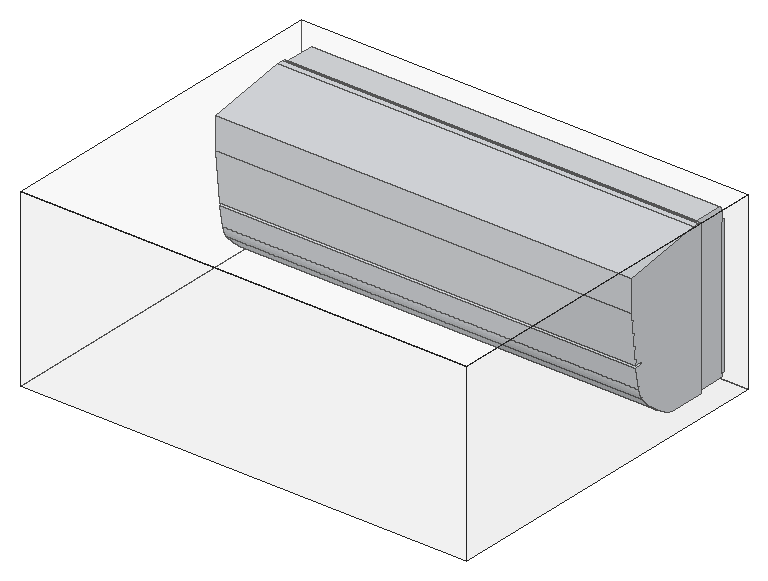
Revit family "msz-gv22_5624_60hz", category 機械設備, Revit 2019
Family settings
  丸型コネクタ寸法 = 直径を使用
  パーツ タイプ = 標準
  OmniClass 番号 = 23.75.10.24.21.27.27
  OmniClass タイトル = Split System Air Conditioning Units
  作業面ベース = いいえ
  常に垂直 = はい
  ロード時にボイドで切り取り = いいえ
  共有 = いいえ
  部屋計算ポイント = いいえ
Parameters (values of type "壁掛_MSZ-GV2224-T-IN")
  風量 = MAX風量  # 635.0 m³/h
  音響パワーレベル(dB) = if([運転音(強冷房)  db] > [運転音(強暖房)  db], [運転音(強冷房)  db], [運転音(強暖房)  db])  # 64
  電源種別 = ""
  電圧_電気ヒーター = 0 V
  電圧 = 100 V
  電動機出力_送風機 = 28.00 W
  運転音(強暖房)  db = 64
  運転音(強冷房)  db = 62
  運転音(弱暖房)  db = 43
  運転音(静冷房)  db = 41
  運転音(弱冷房)  db = 43
  運転音(中暖房)  db = 50
  運転音(中冷房)  db = 51
  運転質量 = 0.00 kg
  連動 = ""
  質量 = if(製品質量 > 運転質量, 製品質量, 運転質量) * 1.2  # 9.60 kg
  負荷分類 = 1 熱源類
  説明 = "ルームエアコン(霧ヶ峰) 　GVシリーズ　室内ユニット"
  設計暖房能力 [instance] = 0.00 kW
  設計冷房能力_顕熱 [instance] = 0 kW
  設計冷房能力 [instance] = 0 kW
  設置方法 = "壁掛 (露出)形"
  記号 [instance] = ""
  製造元 = "三菱電機株式会社"
  製品質量 = 8.00 kg
  製品出荷対象 = "国内"
  製品リリース年月 = "-"
  製品グループ = ""
  系統 [instance] = ""
  符号 = "ACR-WR"
  積算_科目 = "1 空気調和設備"
  積算_拾い区分 [instance] = ""
  相_電気ヒーター = 1
  相 = 1
  盤記号 [instance] = ""
  発停方法 = "付属スイッチ"
  特殊仕様 [instance] = ""
  火災停止 = ""
  消費電力_暖房 = 470.00 W
  消費電力_冷房 = 655.00 W
  消費電力 = 655.00 W
  法定耐用年数 = "6"
  構成品番 = ""
  極数 = 1
  材質 = ""
  本体マテリアル = none
  暖房能力 = 2.20 kW
  暖房 風量 = 635.0 m³/h
  推奨ブレーカー容量 = 15 A
  形式 = "壁掛（露出）形"
  幹線記号 = ""
  始動方式 = "直入"
  呼称 = "パッケージ形空気調和機_室内機"
  周波数 = 60 Hz
  台数_手元リモコン = ""
  参照している仕様書等のバージョン = "公共建築物標準仕様書（機械設備工事編）平成31年度版"
  加湿給水管径 = 0.00 mm
  分類コード = "50053004203000"
  分類グループ = ""
  冷房能力 = 2.2 kW
  冷房 風量 = 635.0 m³/h
  冷媒高低圧ガス管径 = 0.00 mm
  冷媒管径符号 = "Ab"
  冷媒管径 = 100.00 mm
  冷媒液管高さ = 126 mm
  冷媒液管長さ = 85 mm
  冷媒液管径 = 6.35 mm
  冷媒ガス管高さ = 126 mm
  冷媒ガス管長さ = 86 mm
  冷媒ガス管径 = 9.52 mm
  企業コード = "108420"
  付属品 [instance] = ""
  仕様書バージョン = "Version1.0"
  モデル = "MSZ-GV2224-T-IN"
  ドレン管高さ = 190 mm
  ドレン管径 = 16.00 mm
  サービススペース = yes
  コメント [instance] = ""
  【値が 0 の項目は組合せ形名にてご確認ください】 = ""
  Width = 799 mm
  Version = ""
  Uniclass2015Version = "Systems v1.9"
  Uniclass2015Title = "Split coil remote air cooled condensing units"
  Uniclass2015Code = "Pr_70_65_03_84"
  URL = "https://www.mitsubishielectric.co.jp/ldg/wink/"
  SpecificationReference = ""
  SpecificationDescription = ""
  Revision = ""
  ProductInformation = ""
  OmniClassCode = "23-33 17 13 11"
  MAX風量 = 635.0 m³/h
  IfcTypeProduct = ""
  IfcProduct = ""
  IfcExportType = "AIRCONDITIONINGUNIT"
  IfcExportAs = "IfcUnitaryEquipmentType"
  Height = 295 mm
  Depth = 225 mm
  Clearance Top = 33 mm
  Clearance Right = 40 mm
  Clearance Left = 20 mm
  Clearance Front = 445 mm
  Clearance Bottom = 7 mm
  Clearance Back = 0 mm
  COP = 0
  Author = "三菱電機株式会社"
  APF = 0
Types (13, lengths in mm): name | 風量 | 音響パワーレベル(dB) | 電圧 | 電動機出力_送風機 | 運転音(強暖房)  db | 運転音(強冷房)  db | 運転音(弱暖房)  db | 運転音(静冷房)  db | 運転音(弱冷房)  db | 運転音(中暖房)  db | 運転音(中冷房)  db | 質量 | 製品質量 | 消費電力_暖房 | 消費電力_冷房 | 消費電力 | 暖房能力 | 暖房 風量 | 冷房能力 | 冷房 風量 | モデル | MAX風量 | Clearance Front
  (no name) | 635.0 m³/h | 64 | 100 V | 28.00 W | 64 | 62 | 43 | 41 | 43 | 50 | 51 | 9.60 kg | 8.00 kg | 470.00 W | 655.00 W | 655.00 W | 2.20 kW | 635.0 m³/h | 2.2 kW | 635.0 m³/h | "MSZ-GV2224-T-IN" | 635.0 m³/h | 445
  壁掛_MSZ-GV2224-W-IN | 635.0 m³/h | 64 | 100 V | 28.00 W | 64 | 62 | 43 | 41 | 43 | 50 | 51 | 9.60 kg | 8.00 kg | 470.00 W | 655.00 W | 655.00 W | 2.20 kW | 635.0 m³/h | 2.2 kW | 635.0 m³/h | "MSZ-GV2224-W-IN" | 635.0 m³/h | 445
  壁掛_MSZ-GV2524-W-IN | 655.0 m³/h | 64 | 100 V | 28.00 W | 64 | 63 | 43 | 41 | 43 | 50 | 51 | 9.60 kg | 8.00 kg | 625.00 W | 745.00 W | 745.00 W | 2.80 kW | 655.0 m³/h | 2.5 kW | 635.0 m³/h | "MSZ-GV2524-W-IN" | 655.0 m³/h | 445
  壁掛_MSZ-GV2824-W-IN | 665.0 m³/h | 64 | 100 V | 28.00 W | 64 | 63 | 43 | 41 | 43 | 50 | 51 | 10.80 kg | 9.00 kg | 910.00 W | 800.00 W | 910.00 W | 3.60 kW | 650.0 m³/h | 2.8 kW | 665.0 m³/h | "MSZ-GV2824-W-IN" | 665.0 m³/h | 445
  壁掛_MSZ-GV3624-W-IN | 670.0 m³/h | 64 | 100 V | 28.00 W | 64 | 64 | 47 | 41 | 47 | 53 | 54 | 10.80 kg | 9.00 kg | 1215.00 W | 1415.00 W | 1415.00 W | 4.20 kW | 660.0 m³/h | 3.6 kW | 670.0 m³/h | "MSZ-GV3624-W-IN" | 670.0 m³/h | 445
  壁掛_MSZ-GV4024S-W-IN | 670.0 m³/h | 66 | 200 V | 40.00 W | 65 | 66 | 47 | 44 | 47 | 54 | 54 | 10.80 kg | 9.00 kg | 1480.00 W | 1660.00 W | 1660.00 W | 5.00 kW | 660.0 m³/h | 4 kW | 670.0 m³/h | "MSZ-GV4024S-W-IN" | 670.0 m³/h | 445
  壁掛_MSZ-GV5624S-W-IN | 785.0 m³/h | 67 | 200 V | 40.00 W | 67 | 66 | 47 | 45 | 47 | 54 | 54 | 10.80 kg | 9.00 kg | 1980.00 W | 2380.00 W | 2380.00 W | 6.70 kW | 725.0 m³/h | 5.6 kW | 785.0 m³/h | "MSZ-GV5624S-W-IN" | 785.0 m³/h | 215
  壁掛_MSZ-GV2224-T-IN | 635.0 m³/h | 64 | 100 V | 28.00 W | 64 | 62 | 43 | 41 | 43 | 50 | 51 | 9.60 kg | 8.00 kg | 470.00 W | 655.00 W | 655.00 W | 2.20 kW | 635.0 m³/h | 2.2 kW | 635.0 m³/h | "MSZ-GV2224-T-IN" | 635.0 m³/h | 445
  壁掛_MSZ-GV2524-T-IN | 655.0 m³/h | 64 | 100 V | 28.00 W | 64 | 63 | 43 | 41 | 43 | 50 | 51 | 9.60 kg | 8.00 kg | 625.00 W | 745.00 W | 745.00 W | 2.80 kW | 655.0 m³/h | 2.5 kW | 635.0 m³/h | "MSZ-GV2524-T-IN" | 655.0 m³/h | 445
  壁掛_MSZ-GV2824-T-IN | 665.0 m³/h | 64 | 100 V | 28.00 W | 64 | 63 | 43 | 41 | 43 | 50 | 51 | 10.80 kg | 9.00 kg | 910.00 W | 800.00 W | 910.00 W | 3.60 kW | 650.0 m³/h | 2.8 kW | 665.0 m³/h | "MSZ-GV2824-T-IN" | 665.0 m³/h | 445
  壁掛_MSZ-GV3624-T-IN | 670.0 m³/h | 64 | 100 V | 28.00 W | 64 | 64 | 47 | 41 | 47 | 53 | 54 | 10.80 kg | 9.00 kg | 1215.00 W | 1415.00 W | 1415.00 W | 4.20 kW | 660.0 m³/h | 3.6 kW | 670.0 m³/h | "MSZ-GV3624-T-IN" | 670.0 m³/h | 445
  壁掛_MSZ-GV4024S-T-IN | 670.0 m³/h | 66 | 200 V | 40.00 W | 65 | 66 | 47 | 44 | 47 | 54 | 54 | 10.80 kg | 9.00 kg | 1480.00 W | 1660.00 W | 1660.00 W | 5.00 kW | 660.0 m³/h | 4 kW | 670.0 m³/h | "MSZ-GV4024S-T-IN" | 670.0 m³/h | 445
  壁掛_MSZ-GV5624S-T-IN | 785.0 m³/h | 67 | 200 V | 40.00 W | 67 | 66 | 47 | 45 | 47 | 54 | 54 | 10.80 kg | 9.00 kg | 1980.00 W | 2380.00 W | 2380.00 W | 6.70 kW | 725.0 m³/h | 5.6 kW | 785.0 m³/h | "MSZ-GV5624S-T-IN" | 785.0 m³/h | 215
Reference planes
  plane 1 "中心(正面/背面)": y = 222.5
  plane 2: z = 0
  plane 3 "中心(左/右)": x = 0
  plane 4: z = 295
  plane 5: y = 340
  plane 6: y = 110
  plane 7: x = -399.5
  plane 8: x = 399.5
  plane 9: x = -419.5
  plane 10: x = 439.5
  plane 11: y = 340
  plane 12: y = -335
  plane 13: z = 328
  plane 14: z = -7
  plane 15: y = 335
  plane 16: x = 400.5
  plane 17: x = 300
Lines and regions (mm)
  Masking region 1, detail levels coarse+medium
    outline origin (0, 0, 0) x (1, 0, 0) y (0, 1, 0)
      loop
        line (-399.5, 340) -> (-399.5, 110) -> (399.5, 110) -> (399.5, 340) -> (-399.5, 340)
  symbolic lines, detail levels coarse+medium
    curve 1: line (-399.5, 340, 0) -> (399.5, 340, 0)
    curve 2: line (-399.5, 110, 0) -> (-399.5, 340, 0)
    curve 3: line (399.5, 110, 0) -> (-399.5, 110, 0)
    curve 4: line (399.5, 340, 0) -> (399.5, 110, 0)
Dimensions and locks
  equal spacing: plane 7, plane 3 "中心(左/右)", plane 8
  "Width": plane 7 to plane 8
  "Clearance Back": plane 5 to plane 11
  "Clearance Front": plane 12 to plane 6
  "Clearance Right": plane 8 to plane 10
  "Clearance Left": plane 9 to plane 7
  "Height": plane 4 to level
  "Clearance Bottom": level to plane 14
  "Clearance Top": plane 13 to plane 4
  locked: plane 15 to plane 5 at 5
  equal spacing: plane 6, plane 1 "中心(正面/背面)", plane 15
  "Depth": plane 6 to plane 15
  locked: plane 8 to plane 16 at 1
  plane 12 to plane 11 = 675 mm
  aligned and locked: level to plane 2
  aligned and locked: plane 9 to nested 1
  aligned and locked: plane 10 to nested 1
  aligned and locked: plane 12 to nested 1
  aligned and locked: plane 11 to nested 1
  aligned and locked: plane 13 to nested 1
  aligned and locked: plane 3 "中心(左/右)" to nested 2
  aligned and locked: plane 14 to nested 1
  aligned and locked: plane 5 to nested 2
  aligned and locked: Masking region 1 sketch curve to plane 8
  aligned and locked: plane 7 to Masking region 1 sketch curve
  aligned and locked: plane 5 to Masking region 1 sketch curve
  aligned and locked: Masking region 1 sketch curve to plane 6
  aligned and locked: curve 4 to plane 8
  aligned and locked: plane 7 to curve 2
  aligned and locked: curve 3 to plane 6
  aligned and locked: plane 5 to curve 1
Nested families
  nested 1: "サービススペース_MSZ-GV22-5623" at (10, 2.5, 160.5), visible <- "サービススペース", type "サービススペース_MSZ-GV22-5623"
    with Width 859 mm, Height 335 mm, Depth 675 mm
  nested 2: "MSZ-GV○○-○○-IN" at (0, 340, 0), type "MSZ-GV○○-○○-IN"
Connectors
  piping at (300, 340, 55), diameter 100, driven by "冷媒管径", driven by "冷媒管径符号"
    settings: on nested 2, index 1, connector inside diameter 609.60 mm, connector length 0 mm, flow factor 0, pipe flow 0.0 L/s, pressure drop 0.0 Pa, fitting loss kfactor 0, connector angle 0.00°, fixture units 0, engagement length 0 mm, angle of deflection 0.00°, flow configuration 1, flow direction 2, fitting loss method 4, system type 7, joint type 0, gender type 0, connector reference index -1, connector utility 0, adjustable connector no, is connector primary yes, connector description "Ab"
  piping at (300, 340, 25), diameter 16, driven by "ドレン管径"
    settings: on nested 2, index 2, connector inside diameter 609.60 mm, connector length 0 mm, flow factor 0, pipe flow 0.0 L/s, pressure drop 0.0 Pa, fitting loss kfactor 0, connector angle 0.00°, fixture units 0, engagement length 0 mm, angle of deflection 0.00°, flow configuration 1, flow direction 2, fitting loss method 4, system type 16, joint type 0, gender type 0, connector reference index -1, connector utility 0, adjustable connector no, is connector primary no, connector description ""
  electrical at (350, 170, 215), driven by "極数", driven by "負荷分類", driven by "電圧", driven by "消費電力"
    settings: on nested 2, index 5, voltage 100 V, apparent load 655 VA, apparent load phase1 0 VA, apparent load phase2 0 VA, apparent load phase3 0 VA, power factor 1, load classification "1 熱源類", number of poles 1, system type 30, power factor state 1, is connector primary yes, connector utility no, sub classification motor no, connector description ""
Definition of nested family "サービススペース_MSZ-GV22-5623"
  Parameters (values of type "サービススペース")
    Width [instance] = 500 mm
    Height [instance] = 500 mm
    Depth [instance] = 500 mm
  Reference planes
    plane 1 "中心(正面/背面)": y = 0
    plane 2: z = 0
    plane 3 "中心(左/右)": x = 0
    plane 4: y = -250
    plane 5: x = 250
    plane 6: y = 250
    plane 7: x = -250
    plane 8: z = 250
    plane 9: z = -250
  Forms (mm)
    Extrusion 1, solid
      sketch origin (-638.939, 0, 72.39) x (1, 0, 0) y (0, 1, 0)
        loop
          line (388.939, 250) -> (388.939, -250) -> (888.939, -250) -> (888.939, 250) -> (388.939, 250)
      from -322.39 to 177.61
  Lines and regions (mm)
    symbolic lines
      curve 1: line (-250, 0, 250) -> (250, 0, 250)
      curve 2: line (-250, 0, -250) -> (-250, 0, 250)
      curve 3: line (250, 0, -250) -> (-250, 0, -250)
      curve 4: line (250, 0, 250) -> (250, 0, -250)
      curve 5: line (0, -250, 250) -> (0, 250, 250)
      curve 6: line (0, -250, -250) -> (0, -250, 250)
      curve 7: line (0, 250, -250) -> (0, -250, -250)
      curve 8: line (0, 250, 250) -> (0, 250, -250)
      curve 9: line (-250, 250, 0) -> (250, 250, 0)
      curve 10: line (-250, -250, 0) -> (-250, 250, 0)
      curve 11: line (250, -250, 0) -> (-250, -250, 0)
      curve 12: line (250, 250, 0) -> (250, -250, 0)
  Dimensions and locks
    equal spacing: plane 7, plane 3 "中心(左/右)", plane 5
    equal spacing: plane 4, plane 1 "中心(正面/背面)", plane 6
    "Depth": plane 4 to plane 6
    "Width": plane 7 to plane 5
    equal spacing: plane 8, plane 2, plane 9
    "Height": plane 8 to plane 9
    aligned and locked: plane 9 to curve 3
    aligned and locked: plane 7 to curve 2
    aligned and locked: curve 4 to plane 5
    aligned and locked: plane 5 to Extrusion 1
    aligned and locked: Extrusion 1 to plane 7
    aligned and locked: Extrusion 1 to plane 9
    aligned and locked: plane 8 to Extrusion 1
    aligned and locked: plane 9 to curve 7
  Automatic sketch dimensions
    plane 4 to Extrusion 1 sketch curve = 0 mm
    Extrusion 1 sketch curve to plane 7 = 0 mm
    Extrusion 1 sketch curve to plane 5 = 0 mm
    plane 6 to Extrusion 1 sketch curve = 0 mm
    curve 2 to plane 8 = 0 mm
    plane 4 to curve 11 = 0 mm
    curve 11 to plane 7 = 0 mm
    curve 11 to plane 5 = 0 mm
    plane 6 to curve 10 = 0 mm
    curve 7 to plane 4 = 0 mm
    curve 7 to plane 6 = 0 mm
    curve 6 to plane 8 = 0 mm
Definition of nested family "MSZ-GV○○-○○-IN"
  Parameters (values of type "MSZ-GV○○-○○-IN")
    配線取出口サイズ = 26 mm
    配線取出口-Z = 0 mm
    配線取出口-Y = 0 mm
    配線取出口-X = 0 mm
    表示 [instance] = yes
    液配管サイズ = 100 mm
    H = 295 mm
    D = 225 mm
    吊りボルト_H = 230 mm
    冷媒配管サイズ = 6.35 mm
    冷媒液管径-Z = 0 mm
    冷媒液管径-Y = 0 mm
    冷媒液管径-X = 0 mm
    冷媒ガス管径-Z = 0 mm
    冷媒ガス管径-Y = 0 mm
    冷媒ガス管径-X = 0 mm
    吊りボルト-W = 300 mm
    マテリアル = none
    ドレン配管サイズ = 16 mm
    ドレン管径-Z = 0 mm
    ドレン管径-Y = 0 mm
    ドレン管径-X = 0 mm
    ガス配管サイズ = 9.52 mm
    吊りボルト-D = 200 mm
    W = 799 mm
  Reference planes
    plane 1 "中心(正面/背面)": y = 0
    plane 2: z = 0
    plane 3 "中心(左/右)": x = 0
    plane 4: z = 295
    plane 5: x = -399.5
    plane 6: x = 399.5
    plane 7: y = -230
    plane 8: y = -5
    plane 9: x = 392.5
    plane 10: x = -392.5
    plane 11: y = -23
    plane 12: z = 25
    plane 13: z = 45
    plane 14: z = 65
    plane 15: z = 55
    plane 16: x = 350
    plane 17: x = 393.5
    plane 18: y = -170
    plane 19: z = 215
    plane 20: y = -171
  Forms (mm)
    Extrusion 1, solid, material <- "マテリアル", visible <- "表示", detail levels fine
      sketch origin (399.5, 1296.25, 1200) x (0, 1, 0) y (0, 0, 1)
        loop
          line (-1361.25, -905) -> (-1366.084, -905)
          arc (-1366.084, -905) -> (-1371.503, -905.1) -> (-1376.915, -905.401) r 146.284
          arc (-1376.915, -905.401) -> (-1452.131, -914.37) -> (-1526.25, -930) r 850.001
          line (-1526.25, -930) -> (-1526.25, -989.75)
          arc (-1526.25, -989.75) -> (-1523.968, -1036.991) -> (-1517.141, -1083.791) r 490
          line (-1517.141, -1083.791) -> (-1502.319, -1081.522) -> (-1501.562, -1086.464) -> (-1516.32, -1088.918) -> (-1509.396, -1127.328)
          arc (-1509.396, -1127.328) -> (-1505.888, -1138.744) -> (-1499.774, -1149.003) r 50
          arc (-1499.774, -1149.003) -> (-1475.445, -1174.399) -> (-1446.288, -1194.065) r 165.075
          arc (-1446.288, -1194.065) -> (-1437.659, -1197.419) -> (-1428.49, -1198.699) r 40
          line (-1428.49, -1198.699) -> (-1371.251, -1200) -> (-1361.25, -1200) -> (-1361.25, -905)
      from -799 to 0
    Extrusion 2, solid, material <- "マテリアル", visible <- "表示", detail levels fine
      sketch origin (399.5, 1296.25, 1200) x (0, 1, 0) y (0, 0, 1)
        loop
          line (-1361.25, -1200) -> (-1301.25, -1200) -> (-1301.25, -911.805) -> (-1305.18, -905) -> (-1361.25, -905) -> (-1361.25, -1200)
      from -792 to -7
    Extrusion 3, solid, material <- "マテリアル", visible <- "表示", detail levels fine
      sketch origin (399.5, 1296.25, 1200) x (0, 1, 0) y (0, 0, 1)
        loop
          line (-1301.25, -1192) -> (-1296.25, -1192) -> (-1296.25, -930) -> (-1301.25, -930) -> (-1301.25, -1192)
      from -792 to -7
    Extrusion 4, solid, material <- "マテリアル", visible <- "表示", detail levels fine
      sketch origin (-1019.25, 6, 1200) x (-1, 0, 0) y (0, 0, 1)
        loop
          circle (-1319.25, -1175) r 8
      from -7 to -6
    Extrusion 5, solid, material <- "マテリアル", visible <- "表示", detail levels fine
      sketch origin (-1019.25, 6, 1200) x (-1, 0, 0) y (0, 0, 1)
        loop
          circle (-1319.25, -1155) r 3.175
      from -7 to -6
    Extrusion 6, solid, material <- "マテリアル", visible <- "表示", detail levels fine
      sketch origin (-1019.25, 6, 1200) x (-1, 0, 0) y (0, 0, 1)
        loop
          circle (-1319.25, -1135) r 4.76
      from -7 to -6
    Extrusion 7, solid, material <- "マテリアル", visible <- "表示", detail levels fine
      sketch origin (-1019.25, 6, 1200) x (-1, 0, 0) y (0, 0, 1)
        loop
          circle (-1319.25, -1145) r 15
      from -7 to -6
    Extrusion 8, solid, material <- "マテリアル", visible <- "表示", detail levels fine
      sketch origin (0, 0, 0) x (1, 0, 0) y (0, 0, 1)
        loop
          line (349, 216) -> (349, 214) -> (351, 214) -> (351, 216) -> (349, 216)
      from 170 to 171
  Dimensions and locks
    equal spacing: plane 5, plane 3 "中心(左/右)", plane 6
    "W": plane 5 to plane 6
    "H": plane 4 to level
    locked: plane 8 to plane 1 "中心(正面/背面)" at 5
    "D": plane 7 to plane 8
    locked: plane 5 to plane 10 at 7
    locked: plane 9 to plane 6 at 7
    plane 11 to plane 8 = 18 mm
    plane 12 to level = 25 mm
    plane 13 to level = 45 mm
    plane 14 to level = 65 mm
    equal spacing: plane 14, plane 15, plane 13
    locked: plane 9 to plane 17 at 1
    plane 3 "中心(左/右)" to plane 16 = 350 mm
    plane 18 to plane 1 "中心(正面/背面)" = 170 mm
    plane 4 to plane 19 = 80 mm
    locked: plane 20 to plane 18 at 1
    "ドレン配管サイズ": diameter of Extrusion 4 sketch curve
    "冷媒配管サイズ": diameter of Extrusion 5 sketch curve
    "ガス配管サイズ": diameter of Extrusion 6 sketch curve
    aligned and locked: level to plane 2
    aligned and locked: Extrusion 1 sketch curve to plane 7
    aligned and locked: Extrusion 1 sketch curve to level
    aligned and locked: Extrusion 1 sketch curve to plane 4
    aligned and locked: Extrusion 1 to plane 5
    aligned and locked: plane 6 to Extrusion 1
    aligned and locked: Extrusion 2 sketch curve to plane 8
    aligned and locked: Extrusion 2 sketch curve to level
    aligned and locked: Extrusion 2 sketch curve to plane 4
    aligned and locked: Extrusion 2 to plane 10
    aligned and locked: plane 9 to Extrusion 2
    aligned and locked: Extrusion 3 sketch curve to plane 8
    aligned and locked: Extrusion 3 sketch curve to plane 1 "中心(正面/背面)"
    aligned and locked: Extrusion 3 to plane 10
    aligned and locked: plane 9 to Extrusion 3
    aligned and locked: plane 12 to Extrusion 4 sketch curve
    aligned and locked: plane 13 to Extrusion 5 sketch curve
    aligned and locked: plane 14 to Extrusion 6 sketch curve
    aligned and locked: plane 15 to Extrusion 7 sketch curve
    aligned and locked: plane 20 to Extrusion 8
    aligned and locked: Extrusion 8 to plane 18
  Automatic sketch dimensions
    Extrusion 8 sketch curve to plane 16 = 1 mm
    plane 19 to Extrusion 8 sketch curve = 1 mm
    Extrusion 8 sketch curve to plane 19 = 1 mm
    plane 16 to Extrusion 8 sketch curve = 1 mm
    Extrusion 1 sketch curve to plane 7 = 9.109 mm
    Extrusion 1 sketch curve to Extrusion 1 sketch curve = 0.821 mm
    plane 14 to Extrusion 1 sketch curve = 7.672 mm
    Extrusion 1 sketch curve to plane 7 = 16.855 mm
    Extrusion 1 sketch curve to Extrusion 1 sketch curve = 14.823 mm
    Extrusion 1 sketch curve to Extrusion 1 sketch curve = 0.757 mm
    Extrusion 1 sketch curve to plane 18 = 6.061 mm
    level to Extrusion 1 sketch curve = 1.301 mm
    Extrusion 1 sketch curve to plane 18 = 37.761 mm
    Extrusion 1 sketch curve to plane 13 = 3.709 mm
    Extrusion 1 sketch curve to Extrusion 1 sketch curve = 0.909 mm
    plane 11 to Extrusion 1 sketch curve = 49.834 mm
    plane 11 to Extrusion 1 sketch curve = 46.833 mm
    Extrusion 1 sketch curve to Extrusion 1 sketch curve = 10.001 mm
    Extrusion 1 sketch curve to plane 11 = 5.269 mm
    Extrusion 1 sketch curve to plane 19 = 4.75 mm
    Extrusion 1 sketch curve to plane 1 "中心(正面/背面)" = 260 mm
    Extrusion 1 sketch curve to level = 553.069 mm
    Extrusion 1 sketch curve to Extrusion 1 sketch curve = 8.871 mm
    Extrusion 1 sketch curve to Extrusion 1 sketch curve = 2.454 mm
    Extrusion 1 sketch curve to Extrusion 1 sketch curve = 4.942 mm
    Extrusion 1 sketch curve to plane 19 = 66.284 mm
    Extrusion 1 sketch curve to Extrusion 1 sketch curve = 3.128 mm
    Extrusion 1 sketch curve to plane 4 = 25 mm
    Extrusion 1 sketch curve to Extrusion 1 sketch curve = 0 mm
    plane 8 to Extrusion 2 sketch curve = 3.929 mm
    plane 11 to Extrusion 2 sketch curve = 42 mm
    Extrusion 2 sketch curve to plane 4 = 6.805 mm
    level to Extrusion 3 sketch curve = 8 mm
    Extrusion 3 sketch curve to plane 4 = 25 mm
    Extrusion 7 sketch curve to plane 16 = 50 mm
    Extrusion 4 sketch curve to plane 16 = 50 mm
    Extrusion 5 sketch curve to plane 16 = 50 mm
    Extrusion 6 sketch curve to plane 16 = 50 mm
    radius of Extrusion 7 sketch curve = 15 mm
